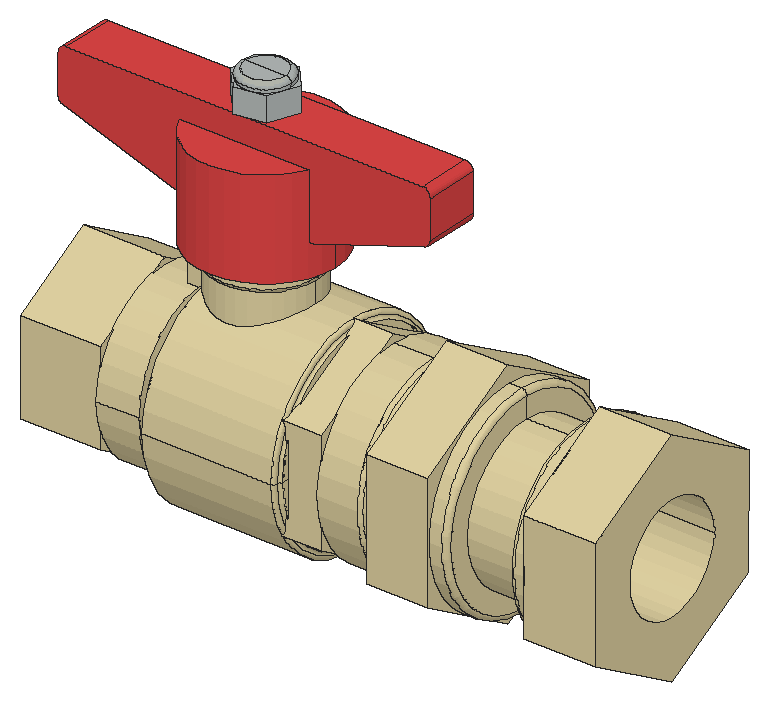
Revit family "QD00070000", category Apparecchi idraulici, Revit 2020
Family settings
  Quota connettore circolare = Usa diametro
  Tipo di parte = Normale
  Numero OmniClass = 23.45.00.00
  Titolo OmniClass = Sanitary, Laundry, and Cleaning Equipment
  Basato su piano di lavoro = No
  Sempre verticale = Sì
  Taglio con vuoti quando caricato = No
  Condiviso = No
  Punto di calcolo locali = No
Parameters
  URL = "https://web.cimberio.it/index.php/figura/177?subcategoria_id=43717"
  Temperatura di esercizio = "-20 ÷ 120°C"
  Prospetto di default = 0 mm
  Produttore = "CIMBERIO SPA"
  Pressione nominale = "PN 16"
  Modello = "Cim 203"
  Materiale = "Prodotto in lega di ottone conforme alla norma EN 12165-CW617N-DW"
  Descrizione = "Utilizzato nei più svariati settori dell'impiantistica: reti di distribuzione acqua potabile, impianti di riscaldamento, condizionamento, igienico-sanitari e in generale con ogni fluido non corrosivo"
  DN Model [instance] = QD00072133 : QD00072133
  DN [instance] = 20 mm
  Commenti sul tipo = "Realizzato in ottemperanza ai requisiti gestionali della norma EN ISO 9001. Collaudato al 100% secondo la normativa EN 12266-1."
Reference planes
  plane 1 "Centro (Fronte/Retro)": y = 0
  plane 2: z = 0
  plane 3 "Centro (Sinistra/Destra)": x = 0
Dimensions and locks
  aligned and locked: level to plane 2
Nested families
  nested 1: "QD00072133" at (0, 0, 0), type <- "DN Model", type "QD00072133"
  nested 2: "QD00072133" at (0, 0, 0), type <- "DN Model", type "QD00072133"
  nested 3: "QD00072133" at (0, 0, 0), type <- "DN Model", type "QD00072133"
  nested 4: "QD00072133" at (0, 0, 0), type <- "DN Model", type "QD00072133"
  nested 5: "QD00072133" at (0, 0, 0), type <- "DN Model", type "QD00072133"
Connectors
  piping at (76.4, 0, 0), diameter 20, driven by "DN"
    settings: on nested 1, index 1, connector inside diameter 609.6 mm, connector length 0 mm, flow factor 0, pipe flow 0.0 L/s, pressure drop 0.0 Pa, fitting loss kfactor 0, connector angle 0.00°, fixture units 0, engagement length 0 mm, angle of deflection 0.00°, flow configuration 0, flow direction 0, fitting loss method 0, system type 7, joint type 0, gender type 0, connector reference index -1, connector utility 0, adjustable connector no, is connector primary yes, connector description ""
  piping at (-34.1, 0, 0), diameter 20, driven by "DN"
    settings: on nested 1, index 2, connector inside diameter 609.6 mm, connector length 0 mm, flow factor 0, pipe flow 0.0 L/s, pressure drop 0.0 Pa, fitting loss kfactor 0, connector angle 0.00°, fixture units 0, engagement length 0 mm, angle of deflection 0.00°, flow configuration 0, flow direction 0, fitting loss method 0, system type 7, joint type 0, gender type 0, connector reference index -1, connector utility 0, adjustable connector no, is connector primary no, connector description ""
Definition of nested family "QD00072133"
  Parameters (values of type "QD00072133")
    Default Elevation = 0 mm
  Reference planes
    plane 1 "Centro (Fronte/Retro)": y = 0
    plane 2: z = 0
    plane 3 "Centro (Sinistra/Destra)": x = 0
  Forms (mm)
    Revolve 1, solid
      sketch origin (0, 0, 0) x (1, 0, 0) y (0, 1, 0)
        loop
          line (-19, 10) -> (17.609, 10) -> (17.609, 18)
          arc (17.609, 18) -> (17.199, 18.241) -> (17.097, 18.705) r 0.594
          arc (17.097, 18.705) -> (17.006, 19.201) -> (16.6, 19.5) r 0.685
          line (16.6, 19.5) -> (-7.6, 19.5) -> (-11, 16.1) -> (-19, 16.1) -> (-19, 10)
        axis (-19, 0) -> (17.609, 0)
      angle from 0 to 360
    Extrusion 2, solid
      sketch origin (0, 0, 0) x (0, 1, 0) y (0, 0, 1)
        loop
          circle (0, 0) r 10
        loop
          line (0, 17.35) -> (-15.026, 8.675) -> (-15.026, -8.675) -> (0, -17.35) -> (15.026, -8.675) -> (15.026, 8.675) -> (0, 17.35)
      from -34.1 to -19
    Extrusion 3, solid
      sketch origin (0, 0, 0) x (0, 1, 0) y (0, 0, 1)
        loop
          line (0, 19.5) -> (-16.887, 9.75) -> (-16.887, -9.75) -> (0, -19.5) -> (16.887, -9.75) -> (16.887, 9.75) -> (0, 19.5)
        loop
          circle (0, 0) r 10
      from 16.6 to 24.1
    Revolve 4, solid
      sketch origin (0, 0, 0) x (1, 0, 0) y (0, 0, 1)
        loop
          line (24.1, 10) -> (34.1, 10) -> (34.1, 17.5) -> (32.217, 17.5) -> (31.6, 18) -> (24.1, 18) -> (24.1, 10)
        axis (24.1, 0) -> (34.1, 0)
      angle from 0 to 360
    Extrusion 5, solid
      sketch origin (0, 0, 0) x (0, 1, 0) y (0, 0, 1)
        loop
          circle (0, 0) r 10
        loop
          line (0, 21.8) -> (-18.879, 10.9) -> (-18.879, -10.9) -> (0, -21.8) -> (18.879, -10.9) -> (18.879, 10.9) -> (0, 21.8)
      from 34.1 to 45.6
    Revolve 6, solid
      sketch origin (0, 0, 0) x (1, 0, 0) y (0, 0, 1)
        loop
          line (45.6, 10) -> (62.9, 10) -> (62.9, 18) -> (61.114, 18)
          arc (61.114, 18) -> (60.667, 17.879) -> (60.4, 17.5) r 0.681
          line (60.4, 17.5) -> (60.4, 14) -> (49.1, 14) -> (49.1, 17.75)
          arc (49.1, 17.75) -> (48.807, 18.457) -> (48.1, 18.75) r 1
          line (48.1, 18.75) -> (45.6, 18.75) -> (45.6, 10)
        axis (45.6, 0) -> (62.9, 0)
      angle from 0 to 360
    Extrusion 7, solid
      sketch origin (0, 0, 0) x (0, 1, 0) y (0, 0, 1)
        loop
          circle (0, 0) r 10
        loop
          line (0, 20.75) -> (-17.97, 10.375) -> (-17.97, -10.375) -> (0, -20.75) -> (17.97, -10.375) -> (17.97, 10.375) -> (0, 20.75)
      from 62.9 to 76.4
    Revolve 8, solid
      sketch origin (0, 0, 0) x (1, 0, 0) y (0, 0, 1)
        loop
          line (0, 31.3) -> (-9.887, 31.3) -> (-9.887, 24)
          arc (-9.887, 24) -> (-9.744, 23.606) -> (-9.381, 23.397) r 0.612
          line (-9.381, 23.397) -> (-9.381, 12.734) -> (0, 12.734) -> (0, 31.3)
        axis (0, 31.3) -> (0, 12.734)
      angle from 0 to 360
    Extrusion 9, solid
      sketch origin (0, 0, 0) x (1, 0, 0) y (0, 0, 1)
        loop
          line (-15, 31.3) -> (-15, 24) -> (-13, 22.845) -> (-13, 12.845) -> (-7.035, 12.845) -> (-7.035, 31.3) -> (-15, 31.3)
      from 0 to 1.981
    Revolve 10, solid
      sketch origin (0, 0, 0) x (1, 0, 0) y (0, 0, 1)
        loop
          line (0, 32.8) -> (-8.3, 32.8) -> (-8.3, 31.3) -> (0, 31.3) -> (0, 32.8)
        axis (0, 32.8) -> (0, 31.3)
      angle from 0 to 360
    Revolve 11, solid
      sketch origin (0, 0, 0) x (1, 0, 0) y (0, 0, 1)
        loop
          line (10.545, 26.8) -> (13.134, 26.8) -> (13.134, 45.125) -> (0, 45.125) -> (0, 37.89) -> (10.545, 37.89) -> (10.545, 26.8)
        axis (0, 45.125) -> (0, 26.8)
      angle from 0 to 360
    Extrusion 12, solid
      sketch origin (0, 0, 0) x (1, 0, 0) y (0, 0, 1)
        loop
          arc (-35, 41.227) -> (-34.714, 40.345) -> (-33.964, 39.8) r 1.5
          line (-33.964, 39.8) -> (-13.136, 33.033) -> (13.136, 33.033) -> (33.964, 39.8)
          arc (33.964, 39.8) -> (34.714, 40.345) -> (35, 41.227) r 1.5
          line (35, 41.227) -> (35, 48.3)
          arc (35, 48.3) -> (34.561, 49.361) -> (33.5, 49.8) r 1.5
          line (33.5, 49.8) -> (-33.5, 49.8)
          arc (-33.5, 49.8) -> (-34.561, 49.361) -> (-35, 48.3) r 1.5
          line (-35, 48.3) -> (-35, 41.227)
      from -5 to 5
    Extrusion 13, solid
      sketch origin (0, 0, 0) x (1, 0, 0) y (0, 1, 0)
        loop
          line (1.88, 5.461) -> (-3.789, 4.359) -> (-5.669, -1.102) -> (-1.88, -5.461) -> (3.789, -4.359) -> (5.669, 1.102) -> (1.88, 5.461)
      from 49.8 to 54.3
    Revolve 14, solid
      sketch origin (0, 0, 0) x (1, 0, 0) y (0, 0, 1)
        loop
          line (3.75, 55.8) -> (0, 55.8) -> (0, 53.912) -> (4.75, 53.912) -> (4.75, 54.8)
          arc (4.75, 54.8) -> (4.457, 55.507) -> (3.75, 55.8) r 1
        axis (0, 55.8) -> (0, 53.912)
      angle from 0 to 360
  Dimensions and locks
    aligned and locked: level to plane 2
